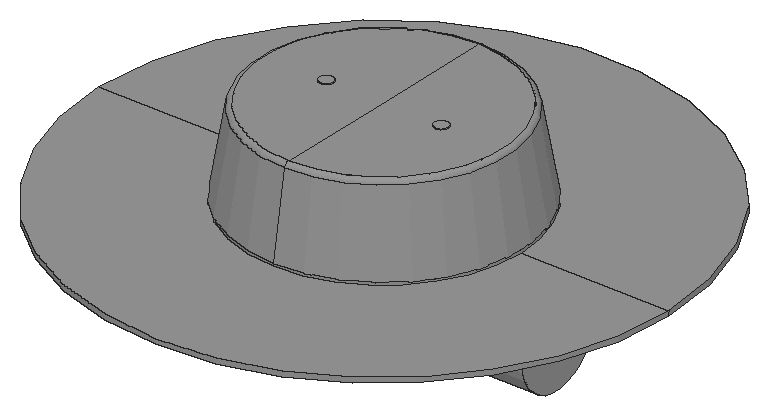
Revit family "HL_RU_Roof drain_HL64HPower-B-221103", category Instalační zařizovací předměty, Revit 2021
Family settings
  Kóta kulaté spojky = Použít průměr
  Typ dílu = Normální
  Číslo OmniClass = 23.70.50.21.24.14
  Nadpis OmniClass = Deck Waste Water Drains
  Založené na pracovní rovině = Ne
  Vždy vertikální = Ano
  Ořezat dutým tvarem při načtení = Ne
  Sdílené = Ne
  Bod výpočtu místnosti = Ano
Parameters (values of type "HL_Кровельная воронка_HL64HPower")
  РЕШЁТКА = "Laubfangkorb d 262 mm"
  РАЗМЕР = "DN75"
  ПРОПУСКНАЯ СПОСОБНОСТЬ [instance] = 0.0 L/s
  ПРАВОВАЯ ИНФОРМАЦИЯ = "Авторские права(©), права на дизайн или какие либо другие права интелектуальной собственности являются исключительной собственностью компании HL Hutterer & Lechner. Изменению не подлежит. Файл семейства с данными о прозводителе изделия защищен паролем с водяным знаком."
  НОМИНАЛЬНЫЙ ДИАМЕТР = 75 mm
  МАТЕРИАЛ = "PP"
  ВЫСОТА МОНТАЖА = "93 mm"
  ВЕС = "3,817 [kg]"
  Výchozí výška = 0 mm
  Výrobce = "HL Hutterer & Lechner GmbH"  # constant formula
  URL = "http://www.hutterer-lechner.com/ru/products/catalog/roof-drains/HL64HPower.aspx"
  Материал плитка [instance] = none
  Přípoj ventilace = no
  Přípoj odpadních dílů = yes
  Přípoj HW = no
  Přípoj CW = no
  Popis = "Кровельные воронки"
  Model = "HL64HPower"
  Assembly Code = " "
  Komentáře k typům = "HL64HPower Power Střešní vtok DN75, ležatý, s asfaltovou manžetou, záchytný koš,"
  Keynote = "HL64HPower"
  EAN = "9003076040797"
  Bысота монтажа [instance] = 0 mm  # constant formula
  G [instance] = 90.00°  # constant formula
  D [instance] = 150 mm  # constant formula
  C [instance] = if(Bысота монтажа - 68 mm < 0 mm, 0 mm, Bысота монтажа - 68 mm)  # 0 mm
  B [instance] = Bысота монтажа + 60 mm  # 60 mm
  A [instance] = if(B - 100 mm > 15 mm, B - 100 mm, 15 mm)  # 15 mm
Reference planes
  plane 1 "Center (Front/Back)": y = 0
  plane 2: z = 0
  plane 3 "Center (Left/Right)": x = 0
  plane 4: z = -60
  plane 5: z = 0
Lines and regions (mm)
  model lines, style "InvisibleLines"
    curve 1: line (0, 0, 0) -> (0, 0, 20)
  model lines, style "PlumbingFixtures", detail levels coarse+medium
    curve 2: line (0, 0, -60) -> (0, 0, -45)
    curve 3: line (0, 0, -45) -> (-45, 0, 0)
    curve 4: line (0, 0, -45) -> (45, 0, 0)
    curve 6: line (0, 0, -60) -> (150, 0, -60)
  reference lines, not visible
    curve 5: line (0, 0, -60) -> (150, 0, -60)
  symbolic lines, style "PlumbingFixtures", detail levels coarse+medium
    curve 7: line (-75, 75, 0) -> (75, 75, 0)
    curve 8: line (-75, -75, 0) -> (-75, 75, 0)
    curve 9: line (75, -75, 0) -> (-75, -75, 0)
    curve 10: line (75, 75, 0) -> (75, -75, 0)
    curve 11: line (-75, 75, 0) -> (-145.711, 145.711, 0)
    curve 12: line (75, 75, 0) -> (145.711, 145.711, 0)
    curve 13: line (-75, -75, 0) -> (-145.711, -145.711, 0)
    curve 14: line (75, -75, 0) -> (145.711, -145.711, 0)
  symbolic lines, style "PlumbingFixtures", not visible, detail levels coarse+medium
    curve 15: line (-75, 75, 0) -> (75, 75, 0)
    curve 16: line (-75, -75, 0) -> (-75, 75, 0)
    curve 17: line (75, -75, 0) -> (-75, -75, 0)
    curve 18: line (75, 75, 0) -> (75, -75, 0)
    curve 19: line (-75, 75, 0) -> (-145.711, 145.711, 0)
    curve 20: line (75, 75, 0) -> (145.711, 145.711, 0)
    curve 21: line (-75, -75, 0) -> (-145.711, -145.711, 0)
    curve 22: line (75, -75, 0) -> (145.711, -145.711, 0)
Text (mm)
  text "FLOOR" at (-162.344, 0, -10.979), in view "Drain Construction View"
Dimensions and locks
  "B": plane 2 to plane 4
  "Bысота монтажа": plane 2 to plane 5
  "A": curve 4 to plane 4
  "D": curve 5 to curve 5
  "D": curve 6 to curve 6
  locked: curve 4 to plane 3 "Center (Left/Right)" (angle 45.00°)
  locked: plane 3 "Center (Left/Right)" to curve 3 (angle 45.00°)
  "G": angle curve 5 to plane 3 "Center (Left/Right)"
  aligned and locked: level to plane 2
  aligned and locked: plane 2 to curve 4
  aligned and locked: plane 2 to curve 3
  aligned and locked: plane 4 to curve 5
  aligned and locked: plane 3 "Center (Left/Right)" to curve 5
  aligned and locked: plane 4 to curve 2
  aligned and locked: plane 3 "Center (Left/Right)" to curve 6
  aligned and locked: plane 4 to curve 6
  aligned and locked: nested 1 to plane 5
  aligned and locked: plane 3 "Center (Left/Right)" to nested 1
  aligned and locked: plane 2 to nested 2
  aligned and locked: plane 3 "Center (Left/Right)" to nested 2
Automatic sketch dimensions
  curve 2 to plane 3 "Center (Left/Right)" = 0 mm
  curve 1 to plane 3 "Center (Left/Right)" = 0 mm
  curve 1 to level = 0 mm
  curve 1 to curve 1 = 20 mm
Nested families
  nested 1: "HL_кровельные воронки - корпус_HL64HPower" at (0, 0, -4.5), type "HL_кровельные воронки - корпус_HL64HPower"
  nested 2: "HL_Вспомогательные материалы-Противопожарная защита_HL062.1EPower" at (0, 0, 2), type "HL_Вспомогательные материалы-Противопожарная защита_HL062.1EPower"
Connectors
  piping at (150, 0, -60), diameter 75, driven by "ПРОПУСКНАЯ СПОСОБНОСТЬ", driven by "НОМИНАЛЬНЫЙ ДИАМЕТР"
    settings: on curve 5, index 1, connector inside diameter 609.6 mm, connector length 0 mm, flow factor 0, pipe flow 0.0 L/s, pressure drop 0.0 Pa, fitting loss kfactor 0, connector angle 0.00°, fixture units 0, engagement length 0 mm, angle of deflection 0.00°, flow configuration 1, flow direction 2, fitting loss method 0, system type 16, joint type 0, gender type 0, connector reference index -1, connector utility 0, adjustable connector yes, is connector primary yes, connector description ""
Definition of nested family "HL_кровельные воронки - корпус_HL64HPower"
  Parameters (values of type "HL_кровельные воронки - корпус_HL64HPower")
    НОМИНАЛЬНЫЙ ДИАМЕТР = 50 mm
    Default Elevation = 0 mm
    Manufacturer = ""
    URL = ""
    Description = ""
    Model = ""
    Type Comments = ""
    Cost = 0
  Reference planes
    plane 1 "Střed (vpředu/vzadu)": y = 0
    plane 2: z = 0
    plane 3 "Střed (vlevo/vpravo)": x = 0
  Forms (mm)
    Revolve 1, solid, detail levels fine
      sketch origin (0, 0, 0) x (1, 0, 0) y (0, 0, 1)
        loop
          line (0, -92.5) -> (0, -31.5) -> (-77.001, -31.5) -> (-77.001, -23) -> (-79.001, -23) -> (-79.001, 0) -> (-180, 0) -> (-180, -3.5) -> (-84.001, -3.5) -> (-84.001, -35.5) -> (-67.016, -35.5) -> (-36.709, -92.5) -> (0, -92.5)
        axis (0, -92.5) -> (0, 0)
      angle from 0 to 360
    Extrusion 2, solid, detail levels fine
      sketch origin (0, 0, 0) x (0, 1, 0) y (0, 0, 1)
        loop
          circle (0, -55) r 37.5
      from 0 to 150
    Revolve 3, void
      sketch origin (0, 0, 0) x (1, 0, 0) y (0, 0, 1)
        loop
          line (0, 0) -> (-77.001, 0) -> (-79.001, 0) -> (-79.001, -23) -> (-77.001, -23) -> (-77.001, -31.5) -> (0, -31.5) -> (0, 0)
        axis (0, 0) -> (0, -31.5)
      angle from 0 to 360
    Revolve 4, solid, detail levels fine
      sketch origin (0, 0, 0) x (1, 0, 0) y (0, 0, 1)
        loop
          line (-79.001, 4.5) -> (-247.5, 4.5) -> (-247.5, 0) -> (-79.001, 0) -> (-79.001, 4.5)
        axis (0, 4.5) -> (0, 0)
      angle from 0 to 360
  Cuts and joins
    Revolve 3 cuts Revolve 1
    Revolve 3 cuts Extrusion 2
  Dimensions and locks
    aligned and locked: level to plane 2
Definition of nested family "HL_Вспомогательные материалы-Противопожарная защита_HL062.1EPower"
  Parameters (values of type "HL_Вспомогательные материалы-Противопожарная защита_HL062.1EPower")
    РЕШЁТКА = "Laubfangkorb d 262 mm"
    ПРАВОВАЯ ИНФОРМАЦИЯ = "Авторские права(©), права на дизайн или какие либо другие права интелектуальной собственности являются исключительной собственностью компании HL Hutterer & Lechner. Изменению не подлежит. Файл семейства с данными о прозводителе изделия защищен паролем с водяным знаком."
    МАТЕРИАЛ = "PP"
    ВЕС = "0,715 [kg]"
    Default Elevation = 0 mm
    Manufacturer = "HL Hutterer & Lechner GmbH"
    URL = "http://www.hutterer-lechner.com/ru/products/catalog/roof-drains/HL062.1EPower.aspx"
    Материал плитка = none
    Description = "Кровельные воронки"
    Model = "HL062.1EPower"
    Type Comments = "HL062.1EPower, Листвоуловитель"
    Keynote = "HL062.1EPower"
    Пропускная способность [instance] = 0.0 L/s
    EAN = "9003076040490"
    Cost = 0
  Values of the unnamed type that differ from the named types
    ПРАВОВАЯ ИНФОРМАЦИЯ = ""
    Manufacturer = ""
    URL = ""
    Description = ""
    Model = ""
    Type Comments = "HL062.1EPower, Leaf catcher"
    Keynote = ""
  Reference planes
    plane 1 "Střed (vpředu/vzadu)": y = 0
    plane 2: z = 0
    plane 3 "Střed (vlevo/vpravo)": x = 0
  Forms (mm)
    Revolve 1, solid, detail levels fine
      sketch origin (0, 0, 0) x (0, 1, 0) y (0, 0, 1)
        loop
          line (70.495, -8.5) -> (70.495, -2.5) -> (66.996, -2.5) -> (66.996, -8.508) -> (58.998, -16.506) -> (58.998, -38.5) -> (61.176, -38.5) -> (62.518, -33.49) -> (62.518, -26) -> (77.157, -26) -> (77.157, -22.019)
          arc (77.157, -22.019) -> (80.011, -17.502) -> (77.157, -12.985) r 5.001
          line (77.157, -12.985) -> (77.157, -8.5) -> (70.495, -8.5)
        axis (0, -2.5) -> (0, -38.5)
      angle from 0 to 360
    Revolve 2, solid, detail levels fine
      sketch origin (0, 0, 0) x (0, 1, 0) y (0, 0, 1)
        loop
          arc (107.472, 69.093) -> (105.997, 71.78) -> (103.186, 73) r 4.733
          line (103.186, 73) -> (0, 73) -> (0, 70.25) -> (98.402, 70.25) -> (109.718, 0) -> (109.718, -2) -> (119.5, -2) -> (119.5, 0) -> (107.472, 69.093)
        axis (0, 73) -> (0, -2)
      angle from 0 to 360
    Revolve 3, solid, detail levels fine
      sketch origin (0, 0, 0) x (0, 1, 0) y (0, 0, 1)
        loop
          line (99, 18.5) -> (80.936, 18.5) -> (80.936, 24.5) -> (76.436, 24.5) -> (76.436, 18.5) -> (69.236, 18.5) -> (69.236, 24.5) -> (64.737, 24.5) -> (64.737, 18.5) -> (0, 18.5) -> (0, 13.5) -> (85.938, 13.5) -> (99, 17.04) -> (99, 18.5)
        axis (0, 24.5) -> (0, 13.5)
      angle from 0 to 360
    Extrusion 4, solid, detail levels fine
      sketch origin (0, 0, 18.5) x (0, 1, 0) y (-1, 0, 0)
        loop
          circle (0, 49.989) r 5.75
      from -40 to 38
    Extrusion 5, solid, detail levels fine
      sketch origin (0, 0, 56.5) x (0, 1, 0) y (-1, 0, 0)
        loop
          circle (0, 49.998) r 6.003
      from 0 to 16.5
    Extrusion 6, solid, detail levels fine
      sketch origin (0, 0, 18.5) x (0, 1, 0) y (-1, 0, 0)
        loop
          circle (0, -49.989) r 5.75
      from -40 to 38
    Extrusion 7, solid, detail levels fine
      sketch origin (0, 0, 56.5) x (0, 1, 0) y (-1, 0, 0)
        loop
          circle (0, -49.998) r 6.003
      from 0 to 16.5
    Extrusion 8, solid, detail levels fine
      sketch origin (0, 0, 18.5) x (0, 1, 0) y (-1, 0, 0)
        loop
          circle (62.504, 62.501) r 2.997
      from 0 to 44.5
    Extrusion 9, solid, detail levels fine
      sketch origin (0, -125, 18.5) x (0, 1, 0) y (-1, 0, 0)
        loop
          circle (62.504, 62.501) r 2.997
      from 0 to 44.5
    Extrusion 10, solid, detail levels fine
      sketch origin (125, -125, 18.5) x (0, 1, 0) y (-1, 0, 0)
        loop
          circle (62.504, 62.501) r 2.997
      from 0 to 44.5
    Extrusion 11, solid, detail levels fine
      sketch origin (125, 0, 18.5) x (0, 1, 0) y (-1, 0, 0)
        loop
          circle (62.504, 62.501) r 2.997
      from 0 to 44.5
    Extrusion 12, solid, detail levels fine
      sketch origin (0, 0, 0) x (0, 1, 0) y (0, 0, 1)
        loop
          line (77.009, 13.5) -> (39, 13.5) -> (47.949, -2) -> (77.009, -2) -> (77.009, 13.5)
        loop
          line (-77.009, 13.5) -> (-77.009, -2) -> (-47.949, -2) -> (-39, 13.5) -> (-77.009, 13.5)
      from -2.8 to 2.8
    Extrusion 13, solid, detail levels fine
      sketch origin (0, 0, 0) x (1, 0, 0) y (0, 0, 1)
        loop
          line (-77.026, -2) -> (-55.066, -2) -> (-55.066, 13.5) -> (-77.026, 13.5) -> (-77.026, -2)
        loop
          line (77.026, -2) -> (77.026, 13.5) -> (55.066, 13.5) -> (55.066, -2) -> (77.026, -2)
      from -2.8 to 2.8
  Dimensions and locks
    aligned and locked: level to plane 2
